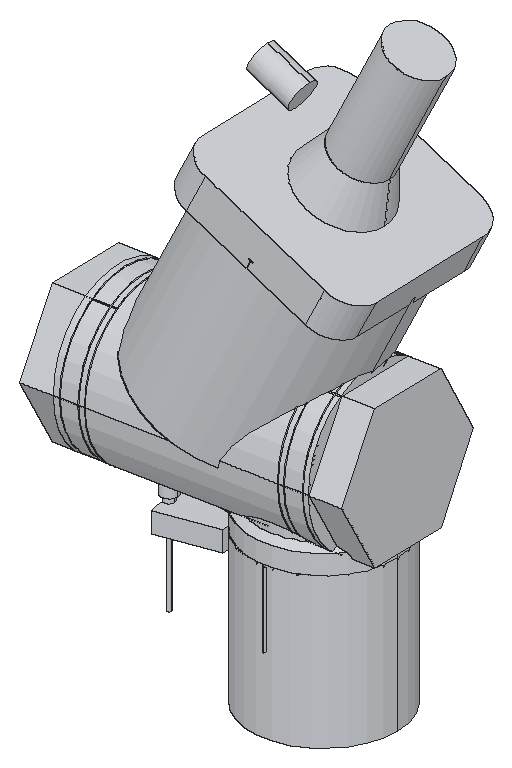
Revit family "PV_Compact_DN032_ 20-80_FF_měř-vyp_RFA_2018", category Pipe Accessories, Revit 2018
Family settings
  Round Connector Dimension = Use Diameter
  Part Type = Valve - Breaks Into
  Work Plane-Based = No
  Always vertical = Yes
  Cut with Voids When Loaded = No
  Shared = No
Parameters (values of type "PV Compact DN32 FF s měřením a vypouštěním (20-80kPa)")
  magiProductId = "e53839f5e58040c69ad69dcf8b7122"
  magiProductFamilyId = "88c57951ecb64b5d83dd1d4eb8fc72"
  magiPartTypeId = 304
  isMeasuringValve [instance] = no
  ang2D [instance] = 0.00°
  Z7 = 15 mm
  Z6 = 40.2 mm
  Z5 = 93.8 mm
  Z4 = 80.4 mm
  Z3 = 13.4 mm
  Z2 = 67 mm
  XR3 = 42.5 mm
  XR2 = 37.5 mm
  XR1 = 25.5 mm
  W2D = 15 mm
  VersionID = "2.0/2018.12.13.2/FRESE_PV_COMPACT_PLUG_Q13_001"
  Use Minimum Symbol Size [instance] = no
  URL = "www.hydronic.cz"
  Type Comments = "závitový s vnitřním závitem; s měřicí vsuvkou a vypouštěním; PN25; dpmax=450kPa; -10~+120°C"
  R5 = 5 mm
  R4 = 15 mm
  R3 = 10 mm
  R2 = 26.5 mm
  R1 = 31.5 mm
  QmdConnectorList = "301;D;302;D"
  Productdata [instance] = ""
  PH__ve = -PH  # -24.6 mm
  PH = 24.6 mm
  NL__ve = -NL  # -20.8 mm
  NL = 20.8 mm
  Manufacturer = "Hydronic Systems Prague s.r.o."
  MC Use Limits From Balancing Method = no
  MC Throttling Minimum Value = 0
  MC Throttling Maximum Value = 0
  MC Product Code = "53-3248 DN32; FF; nastavitelný rozsah dp=20~80kPa; Q=1000~5000l/h;  kvs=10,1"
  MC Pressure Drop Minimum Value = 0.0 Pa
  MC Pressure Drop Maximum Value = 0.0 Pa
  MC Piping Given Pressure Drop [instance] = 0.0 Pa
  M5 = 41.2 mm
  M4 = 39.2 mm
  M3 = 33.2 mm
  M2 = 31.2 mm
  LP = 52 mm
  LM = 62.4 mm
  LL__ve = -LL  # -6.8 mm
  LLT__ve = -LLT  # -22.6 mm
  LLT = 22.6 mm
  LL2 = 43 mm
  LL = 6.8 mm
  L3 = 25 mm
  L2D_Min = 30.48 mm
  L2D = 65 mm
  Description = "Nastavitelný regulátor tlakové diference"
  DR1 = yes
  DR0 = no
  DL2 = 77 mm
  D = 32 mm
  CenSd_R2_6 = R2 * cos(30.00°)  # 22.95 mm
  CAT0 = yes
  C0D1 = yes
  C0D0 = no
Types (10, lengths in mm): name | magiProductId | Z6 | Z5 | Z4 | Z3 | Z2 | XR3 | XR2 | XR1 | R2 | R1 | PH__ve | PH | NL__ve | NL | MC Product Code | M5 | M4 | M3 | M2 | LP | LM | LL__ve | LLT__ve | LLT | LL2 | LL | L3 | DL2 | D | CenSd_R2_6
  PV Compact DN15 FF s měřením a vypouštěním (20-60kPa) | "ebd4dd38c61a47e78db1b31e427098" | 24.6 | 57.4 | 49.2 | 8.2 | 41 | 30 | 25 | 13 | 14 | 19 | -22.4 | 22.4 | -15 | 15 | "53-3243 DN15; FF; nastavitelný rozsah dp=20~60kPa; Q=100~1000l/h;  kvs=2,9" | 32.5 | 30.5 | 24.5 | 22.5 | 37.5 | 45 | -5.7 | -14.9 | 14.9 | 32 | 5.7 | 11 | 66 | 15 | 12.124
  PV Compact DN15 FF s měřením a vypouštěním ( 5-30kPa) | "1e13aaf8f1b54965adca1ab26bd771" | 24.6 | 57.4 | 49.2 | 8.2 | 41 | 30 | 25 | 13 | 14 | 19 | -22.4 | 22.4 | -15 | 15 | "53-3242 DN15; FF; nastavitelný rozsah dp=5~30kPa; Q=50~600l/h;  kvs=2,9" | 32.5 | 30.5 | 24.5 | 22.5 | 37.5 | 45 | -5.7 | -14.9 | 14.9 | 32 | 5.7 | 11 | 66 | 15 | 12.124
  PV Compact DN20 FF s měřením a vypouštěním (20-60kPa) | "6d4e29c475624129ae1d8630218e83" | 24.6 | 57.4 | 49.2 | 8.2 | 41 | 30 | 25 | 13 | 14 | 19 | -22.4 | 22.4 | -15.8 | 15.8 | "53-3245 DN20; FF; nastavitelný rozsah dp=20~60kPa; Q=150~2000l/h;  kvs=3,5" | 33.7 | 31.7 | 25.7 | 23.7 | 39.5 | 47.4 | -5.7 | -14.9 | 14.9 | 32 | 5.7 | 11 | 66 | 20 | 12.124
  PV Compact DN20 FF s měřením a vypouštěním ( 5-30kPa) | "3c7d936801344d2a9486b3d5f20c15" | 24.6 | 57.4 | 49.2 | 8.2 | 41 | 30 | 25 | 13 | 14 | 19 | -22.4 | 22.4 | -15.8 | 15.8 | "53-3244 DN20; FF; nastavitelný rozsah dp=5~30kPa; Q=100~1000l/h;  kvs=3,5" | 33.7 | 31.7 | 25.7 | 23.7 | 39.5 | 47.4 | -5.7 | -14.9 | 14.9 | 32 | 5.7 | 11 | 66 | 20 | 12.124
  PV Compact DN25 FF s měřením a vypouštěním ( 5-30kPa) | "40b783a088714ff8af367f7ba18a04" | 25.5 | 59.5 | 51 | 8.5 | 42.5 | 30 | 25 | 13 | 14 | 19 | -22.8 | 22.8 | -16.6 | 16.6 | "53-3251 DN25; FF; nastavitelný rozsah dp=5~30kPa; Q=600~2100l/h;  kvs=4,0" | 34.9 | 32.9 | 26.9 | 24.9 | 41.5 | 49.8 | -5.9 | -16.3 | 16.3 | 34 | 5.9 | 11 | 68 | 25 | 12.124
  PV Compact DN25L FF s měřením a vypouštěním (20-80kPa) | "7052257d0cc94620b8f60c4ac85ccd" | 40.2 | 93.8 | 80.4 | 13.4 | 67 | 42.5 | 37.5 | 25.5 | 26.5 | 31.5 | -23.6 | 23.6 | -20 | 20 | "53-3247 DN25; FF; nastavitelný rozsah dp=20~80kPa; Q=750~4200l/h;  kvs=8,7" | 40 | 38 | 32 | 30 | 50 | 60 | -6.3 | -19.1 | 19.1 | 38 | 6.3 | 11 | 72 | 25 | 22.95
  PV Compact DN25L FF s měřením a vypouštěním ( 5-30kPa) | "006ff7ff77e34fd39e52f3f4c37192" | 40.2 | 93.8 | 80.4 | 13.4 | 67 | 42.5 | 37.5 | 25.5 | 26.5 | 31.5 | -23.6 | 23.6 | -20 | 20 | "53-3246 DN25L; FF; nastavitelný rozsah dp=5~30kPa; Q=600~2500l/h;  kvs=8,7" | 40 | 38 | 32 | 30 | 50 | 60 | -6.3 | -19.1 | 19.1 | 38 | 6.3 | 11 | 72 | 25 | 22.95
  PV Compact DN32 FF s měřením a vypouštěním (20-80kPa) | "e53839f5e58040c69ad69dcf8b7122" | 40.2 | 93.8 | 80.4 | 13.4 | 67 | 42.5 | 37.5 | 25.5 | 26.5 | 31.5 | -24.6 | 24.6 | -20.8 | 20.8 | "53-3248 DN32; FF; nastavitelný rozsah dp=20~80kPa; Q=1000~5000l/h;  kvs=10,1" | 41.2 | 39.2 | 33.2 | 31.2 | 52 | 62.4 | -6.8 | -22.6 | 22.6 | 43 | 6.8 | 25 | 77 | 32 | 22.95
  PV Compact DN40 FF s měřením a vypouštěním (20-80kPa) | "edae53f0ee9843aa9c005a0dbc2db4" | 46.8 | 109.2 | 93.6 | 15.6 | 78 | 42.5 | 37.5 | 25.5 | 26.5 | 31.5 | -25.2 | 25.2 | -27.6 | 27.6 | "53-3249 DN40; FF; nastavitelný rozsah dp=20~80kPa; Q=3000~8000l/h;  kvs=15,8" | 51.4 | 49.4 | 43.4 | 41.4 | 69 | 82.8 | -7.1 | -24.7 | 24.7 | 46 | 7.1 | 25 | 80 | 40 | 22.95
  PV Compact DN50 FF s měřením a vypouštěním (20-80kPa) | "7572286e99104aaeaae4a504f9a6dd" | 46.8 | 109.2 | 93.6 | 15.6 | 78 | 42.5 | 37.5 | 25.5 | 35.25 | 31.5 | -26.4 | 26.4 | -27.6 | 27.6 | "53-3250 DN50; FF; nastavitelný rozsah dp=20~80kPa; Q=5000~11500l/h;  kvs=16,2" | 51.4 | 49.4 | 43.4 | 41.4 | 69 | 82.8 | -7.7 | -28.9 | 28.9 | 52 | 7.7 | 25 | 86 | 50 | 30.527
Reference planes
  plane 1 "Center (Front/Back)": y = 0
  plane 2 "XYPLANE": z = 0
  plane 3 "Center (Left/Right)": x = 0
  plane 4 "408": x = 52
  plane 5 "407": x = -52
  plane 6 "402": z = -77
  plane 7 "213": x = 25
  plane 8 "168": z = -18.6
  plane 9 "167": z = -20.6
  plane 10 "166": z = -27.4
  plane 11 "165": z = -34.2
  plane 12 "164": z = -36.2
  plane 13 "154": z = 0
  plane 14 "152": y = 0
  plane 15 "151": z = -43
  plane 16 "150": x = -25
  plane 17 "75": through (307.08, 0, 685.28) normal (0.891, 0, -0.454)
  plane 18 "74": x = 41.2
  plane 19 "73": x = 39.2
  plane 20 "72": x = 33.2
  plane 21 "71": x = 31.2
  plane 22 "70": x = -41.2
  plane 23 "69": x = -39.2
  plane 24 "68": x = -33.2
  plane 25 "67": y = 0
  plane 26 "66": through (-666.893, 0, 343.166) normal (0.454, 0, 0.891)
  plane 27 "65": x = -31.2
  plane 28 "64": through (335.147, 0, 670.979) normal (0.891, 0, -0.454)
  plane 29 "63": through (-637.838, 0, 400.19) normal (0.454, 0, 0.891)
  plane 30 "62": through (363.214, 0, 656.678) normal (0.891, 0, -0.454)
  plane 31 "61": y = 31.5
  plane 32 "60": y = -31.5
  plane 33 "59": through (-631.754, 0, 412.13) normal (0.454, 0, 0.891)
  plane 34 "58": through (-625.671, 0, 424.069) normal (0.454, 0, 0.891)
  plane 35 "57": through (302.625, 0, 687.549) normal (0.891, 0, -0.454)
  plane 36 "56": x = 0
  plane 37 "55": through (-668.255, 0, 340.493) normal (0.454, 0, 0.891)
  plane 38 "102XY": through (-668.255, 0, 340.493) normal (0.454, 0, 0.891)
  plane 39 "102XZ": y = 0
  plane 40 "102YZ": through (340.493, 0, 668.255) normal (0.891, 0, -0.454)
Forms (mm)
  Extrusion 1, solid
    sketch origin (52, -750, 0) x (0, 1, 0) y (0, 0, 1)
      loop
        line (776.5, 0) -> (763.25, 22.95) -> (736.75, 22.95) -> (723.5, 0) -> (736.75, -22.95) -> (763.25, -22.95) -> (776.5, 0)
    from 0 to -20.8 <- "NL__ve"
  Extrusion 2, solid
    sketch origin (-52, -750, 0) x (0, 1, 0) y (0, 0, 1)
      loop
        line (723.5, 0) -> (736.75, -22.95) -> (763.25, -22.95) -> (776.5, 0) -> (763.25, 22.95) -> (736.75, 22.95) -> (723.5, 0)
    from 0 to 20.8 <- "NL"
  Extrusion 3, solid, visible <- "C0D1"
    sketch origin (-750, 0, -77) x (1, 0, 0) y (0, 1, 0)
      loop
        circle (775, 0) r 24
    from 0 to 50
  Extrusion 4, solid, visible <- "DR1"
    sketch origin (-750, 0, -27.4) x (1, 0, 0) y (0, 1, 0)
      loop
        line (775, -24.5) -> (780.092, -6) -> (780.092, 6) -> (775, 24.5) -> (750.608, 6) -> (750.608, -6) -> (775, -24.5)
    from 0 to -24.6 <- "PH__ve"
  Extrusion 5, solid, visible <- "DR1"
    sketch origin (-750, 0, -27.4) x (1, 0, 0) y (0, 1, 0)
      loop
        circle (775, 0) r 24
    from 0 to 6.8 <- "LL"
  Blend 6, solid, visible <- "DR1"
    base sketch origin (-750, 0, -18.6) x (1, 0, 0) y (0, 1, 0)
      loop
        circle (775, 0) r 21.5
    top sketch origin (-750, 0, -18.6) x (1, 0, 0) y (0, 1, 0)
      loop
        circle (775, 0) r 24
    from 0 to -2
  Extrusion 7, solid, visible <- "DR1"
    sketch origin (-750, 0, 0) x (1, 0, 0) y (0, 1, 0)
      loop
        circle (775, 0) r 21.5
    from 0 to -22.6 <- "LLT__ve"
  Extrusion 8, solid, visible <- "C0D0"
    sketch origin (-750, 0, -43) x (1, 0, 0) y (0, 1, 0)
      loop
        circle (775, 0) r 20
    from 0 to -25
  Extrusion 9, solid, visible <- "DR0"
    sketch origin (-750, 0, -36.2) x (1, 0, 0) y (0, 1, 0)
      loop
        line (775, -7) -> (775.762, -3.5) -> (775.762, 3.5) -> (775, 7) -> (754.938, 3.5) -> (754.938, -3.5) -> (775, -7)
    from 0 to -6.8 <- "LL__ve"
  Extrusion 10, solid, visible <- "DR0"
    sketch origin (-750, 0, -36.2) x (1, 0, 0) y (0, 1, 0)
      loop
        circle (775, 0) r 21
    from 0 to 2
  Extrusion 11, solid, visible <- "DR0"
    sketch origin (-750, 0, -27.4) x (1, 0, 0) y (0, 1, 0)
      loop
        circle (775, 0) r 23
    from 0 to 6.8 <- "LL"
  Blend 12, solid, visible <- "DR0"
    base sketch origin (-750, 0, -18.6) x (1, 0, 0) y (0, 1, 0)
      loop
        circle (775, 0) r 20.5
    top sketch origin (-750, 0, -18.6) x (1, 0, 0) y (0, 1, 0)
      loop
        circle (775, 0) r 23
    from 0 to -2
  Extrusion 13, solid, visible <- "DR0"
    sketch origin (-750, 0, 0) x (1, 0, 0) y (0, 1, 0)
      loop
        circle (775, 0) r 20.5
    from 0 to -22.6 <- "LLT__ve"
  Extrusion 14, solid, visible <- "DR0"
    sketch origin (-750, 0, 0) x (1, 0, 0) y (0, 1, 0)
      loop
        circle (775, 0) r 20.5
    from 0 to -22.6 <- "LLT__ve"
  Blend 15, solid, visible <- "DR0"
    base sketch origin (-750, 0, -18.6) x (1, 0, 0) y (0, 1, 0)
      loop
        circle (775, 0) r 20.5
    top sketch origin (-750, 0, -18.6) x (1, 0, 0) y (0, 1, 0)
      loop
        circle (775, 0) r 23
    from 0 to -2
  Extrusion 16, solid, visible <- "DR0"
    sketch origin (-750, 0, -27.4) x (1, 0, 0) y (0, 1, 0)
      loop
        circle (775, 0) r 23
    from 0 to 6.8 <- "LL"
  Extrusion 17, solid, visible <- "DR0"
    sketch origin (-750, 0, -34.2) x (1, 0, 0) y (0, 1, 0)
      loop
        circle (775, 0) r 22
    from 0 to 6.8 <- "LL"
  Extrusion 18, solid, visible <- "DR0"
    sketch origin (-750, 0, -36.2) x (1, 0, 0) y (0, 1, 0)
      loop
        circle (775, 0) r 21
    from 0 to 2
  Extrusion 19, solid, visible <- "DR0"
    sketch origin (-750, 0, -36.2) x (1, 0, 0) y (0, 1, 0)
      loop
        line (775, -7) -> (775.762, -3.5) -> (775.762, 3.5) -> (775, 7) -> (754.938, 3.5) -> (754.938, -3.5) -> (775, -7)
    from 0 to -6.8 <- "LL__ve"
  Extrusion 20, solid, visible <- "C0D0"
    sketch origin (-750, 0, -43) x (1, 0, 0) y (0, 1, 0)
      loop
        circle (775, 0) r 20
    from 0 to -25
  Extrusion 21, solid, visible <- "CAT0"
    sketch origin (-750, 0, -43) x (1, 0, 0) y (0, 1, 0)
      loop
        circle (725, 0) r 0.7
    from 0 to -25
  Extrusion 22, solid
    sketch origin (-750, 0, -36.2) x (1, 0, 0) y (0, 1, 0)
      loop
        line (725, -7) -> (745.062, -3.5) -> (745.062, 3.5) -> (725, 7) -> (724.238, 3.5) -> (724.238, -3.5) -> (725, -7)
    from 0 to -6.8 <- "LL__ve"
  Extrusion 23, solid
    sketch origin (-750, 0, -36.2) x (1, 0, 0) y (0, 1, 0)
      loop
        circle (725, 0) r 1.7
    from 0 to 2
  Extrusion 24, solid
    sketch origin (-750, 0, -34.2) x (1, 0, 0) y (0, 1, 0)
      loop
        circle (725, 0) r 2.7
    from 0 to 6.8 <- "LL"
  Extrusion 25, solid
    sketch origin (-750, 0, -27.4) x (1, 0, 0) y (0, 1, 0)
      loop
        circle (725, 0) r 3.7
    from 0 to 6.8 <- "LL"
  Blend 26, solid
    base sketch origin (-750, 0, -18.6) x (1, 0, 0) y (0, 1, 0)
      loop
        circle (725, 0) r 1.2
    top sketch origin (-750, 0, -18.6) x (1, 0, 0) y (0, 1, 0)
      loop
        circle (725, 0) r 3.7
    from 0 to -2
  Extrusion 27, solid
    sketch origin (-750, 0, 0) x (1, 0, 0) y (0, 1, 0)
      loop
        circle (725, 0) r 1.2
    from 0 to -22.6 <- "LLT__ve"
  Blend 28, solid, visible <- "CAT0"
    base sketch origin (39.2, -750, 0) x (0, 1, 0) y (0, 0, 1)
      loop
        circle (750, 0) r 26.5
    top sketch origin (39.2, -750, 0) x (0, 1, 0) y (0, 0, 1)
      loop
        circle (750, 0) r 26.5
    from 0 to 2
  Extrusion 29, solid, visible <- "CAT0"
    sketch origin (33.2, -750, 0) x (0, 1, 0) y (0, 0, 1)
      loop
        circle (750, 0) r 26.5
    from 0 to 6
  Blend 30, solid, visible <- "CAT0"
    base sketch origin (31.2, -750, 0) x (0, 1, 0) y (0, 0, 1)
      loop
        circle (750, 0) r 26.5
    top sketch origin (31.2, -750, 0) x (0, 1, 0) y (0, 0, 1)
      loop
        circle (750, 0) r 26.5
    from 0 to 2
  Blend 31, solid, visible <- "CAT0"
    base sketch origin (-39.2, -750, 0) x (0, 1, 0) y (0, 0, 1)
      loop
        circle (750, 0) r 26.5
    top sketch origin (-39.2, -750, 0) x (0, 1, 0) y (0, 0, 1)
      loop
        circle (750, 0) r 26.5
    from 0 to -2
  Extrusion 32, solid, visible <- "CAT0"
    sketch origin (-39.2, -750, 0) x (0, 1, 0) y (0, 0, 1)
      loop
        circle (750, 0) r 26.5
    from 0 to 6
  Blend 33, solid, visible <- "CAT0"
    base sketch origin (-33.2, -750, 0) x (0, 1, 0) y (0, 0, 1)
      loop
        circle (750, 0) r 26.5
    top sketch origin (-33.2, -750, 0) x (0, 1, 0) y (0, 0, 1)
      loop
        circle (750, 0) r 26.5
    from 0 to 2
  Extrusion 34, solid, visible <- "CAT0"
    sketch origin (-31.2, -750, 0) x (0, 1, 0) y (0, 0, 1)
      loop
        circle (750, 0) r 26.5
    from 0 to 62.4 <- "LM"
  Extrusion 35, solid, visible <- "CAT0"
    sketch origin (-666.893, 0, 343.166) x (0.891007, 0, -0.45399) y (0, 1, 0)
      loop
        circle (744, 0) r 31.5
    from 0 to 67 <- "Z2"
  Extrusion 36, solid, visible <- "CAT0"
    sketch origin (-637.838, 0, 400.19) x (0.891007, 0, -0.45399) y (0, 1, 0)
      loop
        arc (722.5, 31.5) -> (715.429, 28.571) -> (712.5, 21.5) r 10
        line (712.5, 21.5) -> (712.5, -21.5)
        arc (712.5, -21.5) -> (715.429, -28.571) -> (722.5, -31.5) r 10
        line (722.5, -31.5) -> (765.5, -31.5)
        arc (765.5, -31.5) -> (772.571, -28.571) -> (775.5, -21.5) r 10
        line (775.5, -21.5) -> (775.5, 21.5)
        arc (775.5, 21.5) -> (772.571, 28.571) -> (765.5, 31.5) r 10
        line (765.5, 31.5) -> (722.5, 31.5)
    from 0 to 13.4 <- "Z3"
  Blend 37, solid, visible <- "CAT0"
    base sketch origin (-631.754, 0, 412.13) x (0.891007, 0, -0.45399) y (0, 1, 0)
      loop
        circle (744, 0) r 15
    top sketch origin (-631.754, 0, 412.13) x (0.891007, 0, -0.45399) y (0, 1, 0)
      loop
        circle (744, 0) r 10
    from 0 to 13.4
  Extrusion 38, solid, visible <- "CAT0"
    sketch origin (-625.671, 0, 424.069) x (0.891007, 0, -0.45399) y (0, 1, 0)
      loop
        circle (744, 0) r 10
    from 0 to 40.2 <- "Z6"
  Extrusion 39, solid, visible <- "CAT0"
    sketch origin (302.625, 0, 687.549) x (-0.45399, 0, -0.891007) y (0, 1, 0)
      loop
        circle (656.2, 0) r 5
    from 0 to 15 <- "Z7"
  Blend 40, solid, visible <- "CAT0"
    base sketch origin (-668.255, 0, 340.493) x (0.891007, 0, -0.45399) y (0, 1, 0)
      loop
        circle (744, 0) r 27.5
    top sketch origin (-668.255, 0, 340.493) x (0.891007, 0, -0.45399) y (0, 1, 0)
      loop
        circle (744, 0) r 31.5
    from 0 to 3
  Extrusion 41, solid, not visible
    sketch origin (-41.2, -750, 0) x (0, 1, 0) y (0, 0, 1)
      loop
        circle (750, 0) r 22.5
    from 0 to 10
  Extrusion 42, solid, not visible
    sketch origin (41.2, -750, 0) x (0, 1, 0) y (0, 0, 1)
      loop
        circle (750, 0) r 22.5
    from 0 to -10
Lines and regions (mm)
  reference lines, not visible
    curve 1: circle (2, 2, 0) r 1 normal (0, 0, 1)
  reference lines
    curve 2: line (52, 0, 0) -> (52, -3.5, 6.062)
    curve 3: line (52, 0, 0) -> (52, -7, 0)
    curve 4: line (52, 0, 0) -> (52, -3.5, -6.062)
    curve 5: line (-52, 0, 0) -> (-52, 3.5, 6.062)
    curve 6: line (-52, 0, 0) -> (-52, 7, 0)
    curve 7: line (-52, 0, 0) -> (-52, 3.5, -6.062)
Dimensions and locks
  plane 1 "Center (Front/Back)" to curve 1 = 2 mm
  "LP": plane 36 "56" to plane 4 "408"
  "LP": plane 36 "56" to plane 5 "407"
  "DL2": plane 2 "XYPLANE" to plane 6 "402"
  "L3": plane 3 "Center (Left/Right)" to plane 7 "213"
  locked: plane 9 "167" to plane 8 "168" at 2
  "LL": plane 10 "166" to plane 9 "167"
  "LL": plane 11 "165" to plane 10 "166"
  locked: plane 12 "164" to plane 11 "165" at 2
  "LL": plane 15 "151" to plane 12 "164"
  locked: plane 2 "XYPLANE" to plane 13 "154"
  locked: plane 1 "Center (Front/Back)" to plane 14 "152"
  "LL2": plane 2 "XYPLANE" to plane 15 "151"
  "L3": plane 3 "Center (Left/Right)" to plane 16 "150"
  "XR2": plane 40 "102YZ" to plane 17 "75"
  "M5": plane 3 "Center (Left/Right)" to plane 18 "74"
  "M4": plane 3 "Center (Left/Right)" to plane 19 "73"
  "M3": plane 3 "Center (Left/Right)" to plane 20 "72"
  "M2": plane 3 "Center (Left/Right)" to plane 21 "71"
  "M5": plane 3 "Center (Left/Right)" to plane 22 "70"
  "M4": plane 3 "Center (Left/Right)" to plane 23 "69"
  "M3": plane 3 "Center (Left/Right)" to plane 24 "68"
  locked: plane 14 "152" to plane 25 "67"
  locked: plane 38 "102XY" to plane 26 "66" at 3
  "M2": plane 3 "Center (Left/Right)" to plane 27 "65"
  locked: plane 40 "102YZ" to plane 28 "64" at 6
  "Z2": plane 38 "102XY" to plane 29 "63"
  "XR1": plane 40 "102YZ" to plane 30 "62"
  "R1": plane 14 "152" to plane 31 "61"
  "R1": plane 14 "152" to plane 32 "60"
  "Z4": plane 38 "102XY" to plane 33 "59"
  "Z5": plane 38 "102XY" to plane 34 "58"
  "XR3": plane 40 "102YZ" to plane 35 "57"
  locked: plane 3 "Center (Left/Right)" to plane 36 "56"
  locked: plane 38 "102XY" to plane 37 "55"
  "CenSd_R2_6": curve 2 to Extrusion 1 sketch curve  (x2)
  "CenSd_R2_6": curve 3 to Extrusion 1 sketch curve  (x2)
  "CenSd_R2_6": curve 4 to Extrusion 1 sketch curve  (x2)
  Extrusion 1 sketch curve to Extrusion 1 sketch curve = 0 mm  (x12)
  "CenSd_R2_6": curve 5 to Extrusion 2 sketch curve  (x2)
  "CenSd_R2_6": curve 6 to Extrusion 2 sketch curve  (x2)
  "CenSd_R2_6": curve 7 to Extrusion 2 sketch curve  (x2)
  Extrusion 2 sketch curve to Extrusion 2 sketch curve = 0 mm  (x12)
  Extrusion 4 sketch curve to Extrusion 4 sketch curve = 0 mm  (x12)
  Extrusion 9 sketch curve to Extrusion 9 sketch curve = 0 mm  (x12)
  Extrusion 19 sketch curve to Extrusion 19 sketch curve = 0 mm  (x12)
  Extrusion 22 sketch curve to Extrusion 22 sketch curve = 0 mm  (x12)
  Extrusion 36 sketch curve to Extrusion 36 sketch curve = 0 mm  (x16)
  "R2": radius of Blend 28 sketch curve  (x2)
  "R2": radius of Extrusion 29 sketch curve
  "R2": radius of Blend 30 sketch curve  (x2)
  "R2": radius of Blend 31 sketch curve  (x2)
  "R2": radius of Extrusion 32 sketch curve
  "R2": radius of Blend 33 sketch curve  (x2)
  "R2": radius of Extrusion 34 sketch curve
  "R1": radius of Extrusion 35 sketch curve
  radius of Extrusion 36 sketch curve = 10 mm  (x4)
  "R3": radius of Blend 37 sketch curve
  "R4": radius of Blend 37 sketch curve
  "R3": radius of Extrusion 38 sketch curve
  "R5": radius of Extrusion 39 sketch curve
  "R1": radius of Blend 40 sketch curve
  locked: curve 3 to curve 2 (angle 60.00°)
  locked: curve 4 to curve 3 (angle 60.00°)
  locked: curve 4 to curve 2 (angle 120.00°)
  locked: curve 6 to curve 5 (angle 60.00°)
  locked: curve 7 to curve 6 (angle 60.00°)
  locked: curve 7 to curve 5 (angle 120.00°)
  aligned and locked: level to plane 2 "XYPLANE"
  aligned and locked: plane 13 "154" to curve 4
  aligned and locked: curve 4 to plane 14 "152"
  aligned and locked: plane 13 "154" to curve 7
  aligned and locked: curve 7 to plane 14 "152"
  aligned and locked: plane 7 "213" to Extrusion 3 sketch curve
  aligned and locked: plane 14 "152" to Extrusion 3 sketch curve
  aligned and locked: plane 7 "213" to Extrusion 5 sketch curve
  aligned and locked: plane 14 "152" to Extrusion 5 sketch curve
  aligned and locked: plane 7 "213" to Blend 6 sketch curve  (x2)
  aligned and locked: plane 14 "152" to Blend 6 sketch curve  (x2)
  aligned and locked: Blend 6 to plane 9 "167"
  aligned and locked: plane 7 "213" to Extrusion 7 sketch curve
  aligned and locked: plane 14 "152" to Extrusion 7 sketch curve
  aligned and locked: plane 7 "213" to Extrusion 8 sketch curve
  aligned and locked: plane 14 "152" to Extrusion 8 sketch curve
  aligned and locked: plane 7 "213" to Extrusion 10 sketch curve
  aligned and locked: plane 14 "152" to Extrusion 10 sketch curve
  aligned and locked: plane 7 "213" to Extrusion 11 sketch curve
  aligned and locked: plane 14 "152" to Extrusion 11 sketch curve
  aligned and locked: plane 7 "213" to Blend 12 sketch curve  (x2)
  aligned and locked: plane 14 "152" to Blend 12 sketch curve  (x2)
  aligned and locked: Blend 12 to plane 9 "167"
  aligned and locked: plane 7 "213" to Extrusion 13 sketch curve
  aligned and locked: plane 14 "152" to Extrusion 13 sketch curve
  aligned and locked: plane 7 "213" to Extrusion 14 sketch curve
  aligned and locked: plane 14 "152" to Extrusion 14 sketch curve
  aligned and locked: plane 7 "213" to Blend 15 sketch curve  (x2)
  aligned and locked: plane 14 "152" to Blend 15 sketch curve  (x2)
  aligned and locked: Blend 15 to plane 9 "167"
  aligned and locked: plane 7 "213" to Extrusion 16 sketch curve
  aligned and locked: plane 14 "152" to Extrusion 16 sketch curve
  aligned and locked: plane 7 "213" to Extrusion 17 sketch curve
  aligned and locked: plane 14 "152" to Extrusion 17 sketch curve
  aligned and locked: plane 7 "213" to Extrusion 18 sketch curve
  aligned and locked: plane 14 "152" to Extrusion 18 sketch curve
  aligned and locked: plane 7 "213" to Extrusion 20 sketch curve
  aligned and locked: plane 14 "152" to Extrusion 20 sketch curve
  aligned and locked: plane 14 "152" to Extrusion 21 sketch curve
  aligned and locked: plane 16 "150" to Extrusion 21 sketch curve
  aligned and locked: plane 14 "152" to Extrusion 23 sketch curve
  aligned and locked: plane 16 "150" to Extrusion 23 sketch curve
  aligned and locked: plane 14 "152" to Extrusion 24 sketch curve
  aligned and locked: plane 16 "150" to Extrusion 24 sketch curve
  aligned and locked: plane 14 "152" to Extrusion 25 sketch curve
  aligned and locked: plane 16 "150" to Extrusion 25 sketch curve
  aligned and locked: plane 14 "152" to Blend 26 sketch curve  (x2)
  aligned and locked: plane 16 "150" to Blend 26 sketch curve  (x2)
  aligned and locked: Blend 26 to plane 9 "167"
  aligned and locked: plane 14 "152" to Extrusion 27 sketch curve
  aligned and locked: plane 16 "150" to Extrusion 27 sketch curve
  aligned and locked: plane 13 "154" to Blend 28 sketch curve  (x2)
  aligned and locked: Blend 28 sketch curve to plane 14 "152"  (x2)
  aligned and locked: plane 18 "74" to Blend 28
  aligned and locked: plane 13 "154" to Extrusion 29 sketch curve
  aligned and locked: Extrusion 29 sketch curve to plane 14 "152"
  aligned and locked: plane 13 "154" to Blend 30 sketch curve  (x2)
  aligned and locked: Blend 30 sketch curve to plane 14 "152"  (x2)
  aligned and locked: plane 20 "72" to Blend 30
  aligned and locked: plane 13 "154" to Blend 31 sketch curve  (x2)
  aligned and locked: Blend 31 sketch curve to plane 14 "152"  (x2)
  aligned and locked: Blend 31 to plane 22 "70"
  aligned and locked: plane 13 "154" to Extrusion 32 sketch curve
  aligned and locked: Extrusion 32 sketch curve to plane 14 "152"
  aligned and locked: plane 13 "154" to Blend 33 sketch curve  (x2)
  aligned and locked: Blend 33 sketch curve to plane 14 "152"  (x2)
  aligned and locked: plane 27 "65" to Blend 33
  aligned and locked: plane 13 "154" to Extrusion 34 sketch curve
  aligned and locked: Extrusion 34 sketch curve to plane 14 "152"
  aligned and locked: plane 25 "67" to Extrusion 35 sketch curve
  aligned and locked: Extrusion 35 sketch curve to plane 28 "64"
  aligned and locked: Extrusion 36 sketch curve to plane 17 "75"
  aligned and locked: Extrusion 36 sketch curve to plane 32 "60"
  aligned and locked: Extrusion 36 sketch curve to plane 30 "62"
  aligned and locked: plane 31 "61" to Extrusion 36 sketch curve
  aligned and locked: plane 25 "67" to Blend 37 sketch curve  (x2)
  aligned and locked: Blend 37 sketch curve to plane 28 "64"  (x2)
  aligned and locked: plane 34 "58" to Blend 37
  aligned and locked: plane 25 "67" to Extrusion 38 sketch curve
  aligned and locked: Extrusion 38 sketch curve to plane 28 "64"
  aligned and locked: plane 25 "67" to Extrusion 39 sketch curve
  aligned and locked: plane 34 "58" to Extrusion 39 sketch curve
  aligned and locked: plane 25 "67" to Blend 40 sketch curve  (x2)
  aligned and locked: Blend 40 sketch curve to plane 28 "64"  (x2)
  aligned and locked: plane 26 "66" to Blend 40
  aligned and locked: plane 13 "154" to Extrusion 41 sketch curve
  aligned and locked: Extrusion 41 sketch curve to plane 14 "152"
  aligned and locked: plane 13 "154" to Extrusion 42 sketch curve
  aligned and locked: Extrusion 42 sketch curve to plane 14 "152"
Automatic sketch dimensions
  plane 3 "Center (Left/Right)" to Extrusion 3 sketch curve = 1 mm
  Extrusion 4 sketch curve to plane 7 "213" = 0 mm  (x2)
  plane 3 "Center (Left/Right)" to Extrusion 4 sketch curve = 0.608 mm
  Extrusion 4 sketch curve to plane 21 "71" = 1.108 mm
  plane 32 "60" to Extrusion 4 sketch curve = 7 mm
  plane 1 "Center (Front/Back)" to Extrusion 4 sketch curve = 6 mm  (x2)
  Extrusion 4 sketch curve to plane 1 "Center (Front/Back)" = 6 mm  (x2)
  Extrusion 4 sketch curve to plane 31 "61" = 7 mm
  plane 3 "Center (Left/Right)" to Extrusion 5 sketch curve = 1 mm
  plane 3 "Center (Left/Right)" to Blend 6 sketch curve = 3.5 mm
  plane 3 "Center (Left/Right)" to Blend 6 sketch curve = 1 mm
  plane 3 "Center (Left/Right)" to Extrusion 7 sketch curve = 3.5 mm
  plane 3 "Center (Left/Right)" to Extrusion 8 sketch curve = 5 mm
  Extrusion 9 sketch curve to plane 7 "213" = 0 mm  (x2)
  plane 3 "Center (Left/Right)" to Extrusion 9 sketch curve = 4.938 mm
  Extrusion 9 sketch curve to plane 21 "71" = 5.438 mm
  plane 1 "Center (Front/Back)" to Extrusion 9 sketch curve = 7 mm
  plane 1 "Center (Front/Back)" to Extrusion 9 sketch curve = 3.5 mm  (x2)
  Extrusion 9 sketch curve to plane 1 "Center (Front/Back)" = 3.5 mm  (x2)
  Extrusion 9 sketch curve to Extrusion 9 sketch curve = 3.5 mm
  plane 3 "Center (Left/Right)" to Extrusion 10 sketch curve = 4 mm
  plane 3 "Center (Left/Right)" to Extrusion 11 sketch curve = 2 mm
  plane 3 "Center (Left/Right)" to Blend 12 sketch curve = 4.5 mm
  plane 3 "Center (Left/Right)" to Blend 12 sketch curve = 2 mm
  plane 3 "Center (Left/Right)" to Extrusion 13 sketch curve = 4.5 mm
  plane 3 "Center (Left/Right)" to Extrusion 14 sketch curve = 4.5 mm
  plane 3 "Center (Left/Right)" to Blend 15 sketch curve = 4.5 mm
  plane 3 "Center (Left/Right)" to Blend 15 sketch curve = 2 mm
  plane 3 "Center (Left/Right)" to Extrusion 16 sketch curve = 2 mm
  plane 3 "Center (Left/Right)" to Extrusion 17 sketch curve = 3 mm
  plane 3 "Center (Left/Right)" to Extrusion 18 sketch curve = 4 mm
  Extrusion 19 sketch curve to plane 7 "213" = 0 mm  (x2)
  plane 3 "Center (Left/Right)" to Extrusion 19 sketch curve = 4.938 mm
  Extrusion 19 sketch curve to plane 21 "71" = 5.438 mm
  plane 1 "Center (Front/Back)" to Extrusion 19 sketch curve = 7 mm
  plane 1 "Center (Front/Back)" to Extrusion 19 sketch curve = 3.5 mm  (x2)
  Extrusion 19 sketch curve to plane 1 "Center (Front/Back)" = 3.5 mm  (x2)
  Extrusion 19 sketch curve to Extrusion 19 sketch curve = 3.5 mm
  plane 3 "Center (Left/Right)" to Extrusion 20 sketch curve = 5 mm
  plane 27 "65" to Extrusion 21 sketch curve = 5.5 mm
  Extrusion 22 sketch curve to plane 16 "150" = 0 mm  (x2)
  plane 27 "65" to Extrusion 22 sketch curve = 5.438 mm
  Extrusion 22 sketch curve to plane 3 "Center (Left/Right)" = 4.938 mm
  plane 1 "Center (Front/Back)" to Extrusion 22 sketch curve = 7 mm
  plane 1 "Center (Front/Back)" to Extrusion 22 sketch curve = 3.5 mm  (x2)
  Extrusion 22 sketch curve to plane 1 "Center (Front/Back)" = 3.5 mm  (x2)
  Extrusion 22 sketch curve to Extrusion 22 sketch curve = 3.5 mm
  plane 27 "65" to Extrusion 23 sketch curve = 4.5 mm
  plane 27 "65" to Extrusion 24 sketch curve = 3.5 mm
  plane 27 "65" to Extrusion 25 sketch curve = 2.5 mm
  plane 27 "65" to Blend 26 sketch curve = 5 mm
  plane 27 "65" to Blend 26 sketch curve = 2.5 mm
  plane 27 "65" to Extrusion 27 sketch curve = 5 mm
  plane 17 "75" to Blend 40 sketch curve = 4 mm
  plane 32 "60" to Extrusion 41 sketch curve = 9 mm
  plane 32 "60" to Extrusion 42 sketch curve = 9 mm
  plane 3 "Center (Left/Right)" to curve 1 = 2 mm
  radius of curve 1 = 1 mm
Connectors
  piping at (-41.2, 0, 0), diameter 32, driven by "D"
    settings: on Extrusion 41, index 1, connector inside diameter 609.6 mm, connector length 0 mm, flow factor 0, pipe flow 0.0 L/s, pressure drop 0.0 Pa, fitting loss kfactor 0, connector angle 0.00°, fixture units 0, engagement length 0 mm, angle of deflection 0.00°, flow configuration 0, flow direction 0, fitting loss method 0, system type 29, joint type 0, gender type 0, connector reference index 2, connector utility 0, adjustable connector no, is connector primary yes, connector description ""
  piping at (41.2, 0, 0), diameter 32, driven by "D"
    settings: on Extrusion 42, index 2, connector inside diameter 609.6 mm, connector length 0 mm, flow factor 0, pipe flow 0.0 L/s, pressure drop 0.0 Pa, fitting loss kfactor 0, connector angle 0.00°, fixture units 0, engagement length 0 mm, angle of deflection 0.00°, flow configuration 0, flow direction 0, fitting loss method 0, system type 29, joint type 0, gender type 0, connector reference index 1, connector utility 0, adjustable connector no, is connector primary no, connector description ""
